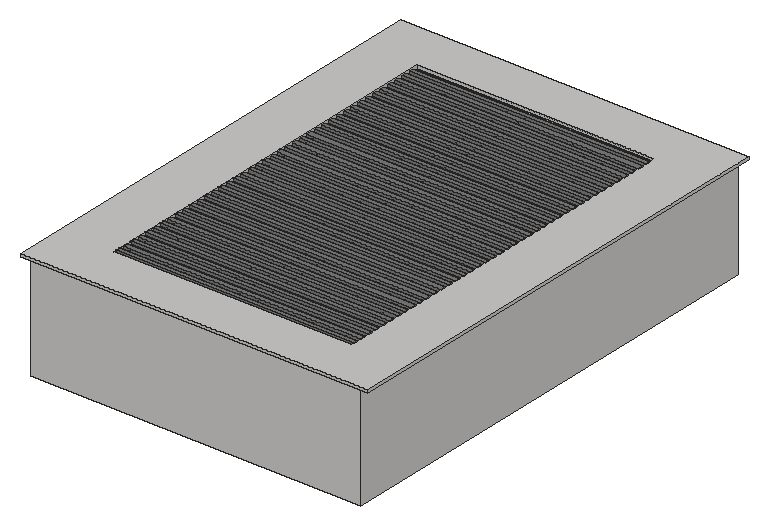
Revit family "VR414611", category Generic Models, Revit 2014
Parameters (values of type "VR414611")
  Width = 380 mm
  URL = "http://www.gaggenau.com."
  Model = "VR414611"
  Manufacturer = "Gaggenau"
  Height = 118 mm
  Grill = Black
  Door Glass = Glass, Green
  Description = "Gaggenau 15\" Vario 400 Series Electric Grill"
  Depth = 520 mm
Reference planes
  plane 1 "Center (Front/Back)": y = 0
  plane 2: z = 0
  plane 3 "Center (Left/Right)": x = 0
  plane 4: x = -190
  plane 5: x = 190
  plane 6: y = 260
  plane 7: y = -260
  plane 8: z = 118
  plane 9: z = 115
  plane 10: x = -180
  plane 11: x = 180
  plane 12: y = 257.5
  plane 13: y = -257.5
Forms (mm)
  Extrusion 1, solid, material "Metal Panel"
    sketch origin (0, 0, 0) x (1, 0, 0) y (0, 1, 0)
      loop
        line (-190, 260) -> (-190, -260) -> (190, -260) -> (190, 260) -> (-190, 260)
      loop
        line (-130, 207.5) -> (-130, -207.5) -> (130, -207.5) -> (130, 207.5) -> (-130, 207.5)
    from 115 to 118
  Extrusion 2, solid, material "Metal Panel"
    sketch origin (0, 0, 0) x (1, 0, 0) y (0, 1, 0)
      loop
        line (-180, 257.5) -> (-180, -257.5) -> (180, -257.5) -> (180, 257.5) -> (-180, 257.5)
      loop
        line (-130, 207.5) -> (-130, -207.5) -> (130, -207.5) -> (130, 207.5) -> (-130, 207.5)
    from 0 to 115
  Extrusion 3, solid, material "Black" <- "Grill"
    sketch origin (0, 0, 0) x (1, 0, 0) y (0, 1, 0)
      loop
        line (-130, 200.278) -> (-130, 195.561) -> (130, 195.561) -> (130, 200.278) -> (-130, 200.278)
      loop
        line (-130, 190.278) -> (-130, 185.561) -> (130, 185.561) -> (130, 190.278) -> (-130, 190.278)
      loop
        line (-130, 180.278) -> (-130, 175.561) -> (130, 175.561) -> (130, 180.278) -> (-130, 180.278)
      loop
        line (-130, 170.278) -> (-130, 165.561) -> (130, 165.561) -> (130, 170.278) -> (-130, 170.278)
      loop
        line (-130, 160.278) -> (-130, 155.561) -> (130, 155.561) -> (130, 160.278) -> (-130, 160.278)
      loop
        line (-130, 150.278) -> (-130, 145.561) -> (130, 145.561) -> (130, 150.278) -> (-130, 150.278)
      loop
        line (-130, 140.278) -> (-130, 135.561) -> (130, 135.561) -> (130, 140.278) -> (-130, 140.278)
      loop
        line (-130, 130.278) -> (-130, 125.561) -> (130, 125.561) -> (130, 130.278) -> (-130, 130.278)
      loop
        line (-130, 120.278) -> (-130, 115.561) -> (130, 115.561) -> (130, 120.278) -> (-130, 120.278)
      loop
        line (-130, 110.278) -> (-130, 105.561) -> (130, 105.561) -> (130, 110.278) -> (-130, 110.278)
      loop
        line (-130, 100.278) -> (-130, 95.561) -> (130, 95.561) -> (130, 100.278) -> (-130, 100.278)
      loop
        line (-130, 90.278) -> (-130, 85.561) -> (130, 85.561) -> (130, 90.278) -> (-130, 90.278)
      loop
        line (-130, 80.278) -> (-130, 75.561) -> (130, 75.561) -> (130, 80.278) -> (-130, 80.278)
      loop
        line (-130, 70.278) -> (-130, 65.561) -> (130, 65.561) -> (130, 70.278) -> (-130, 70.278)
      loop
        line (-130, 60.278) -> (-130, 55.561) -> (130, 55.561) -> (130, 60.278) -> (-130, 60.278)
      loop
        line (-130, 50.278) -> (-130, 45.561) -> (130, 45.561) -> (130, 50.278) -> (-130, 50.278)
      loop
        line (-130, 40.278) -> (-130, 35.561) -> (130, 35.561) -> (130, 40.278) -> (-130, 40.278)
      loop
        line (-130, 30.278) -> (-130, 25.561) -> (130, 25.561) -> (130, 30.278) -> (-130, 30.278)
      loop
        line (-130, 20.278) -> (-130, 15.561) -> (130, 15.561) -> (130, 20.278) -> (-130, 20.278)
      loop
        line (-130, 10.278) -> (-130, 5.561) -> (130, 5.561) -> (130, 10.278) -> (-130, 10.278)
      loop
        line (-130, 0.278) -> (-130, -4.439) -> (130, -4.439) -> (130, 0.278) -> (-130, 0.278)
      loop
        line (-130, -9.722) -> (-130, -14.439) -> (130, -14.439) -> (130, -9.722) -> (-130, -9.722)
      loop
        line (-130, -19.722) -> (-130, -24.439) -> (130, -24.439) -> (130, -19.722) -> (-130, -19.722)
      loop
        line (-130, -29.722) -> (-130, -34.439) -> (130, -34.439) -> (130, -29.722) -> (-130, -29.722)
      loop
        line (-130, -39.722) -> (-130, -44.439) -> (130, -44.439) -> (130, -39.722) -> (-130, -39.722)
      loop
        line (-130, -49.722) -> (-130, -54.439) -> (130, -54.439) -> (130, -49.722) -> (-130, -49.722)
      loop
        line (-130, -59.722) -> (-130, -64.439) -> (130, -64.439) -> (130, -59.722) -> (-130, -59.722)
      loop
        line (-130, -69.722) -> (-130, -74.439) -> (130, -74.439) -> (130, -69.722) -> (-130, -69.722)
      loop
        line (-130, -79.722) -> (-130, -84.439) -> (130, -84.439) -> (130, -79.722) -> (-130, -79.722)
      loop
        line (-130, -89.722) -> (-130, -94.439) -> (130, -94.439) -> (130, -89.722) -> (-130, -89.722)
      loop
        line (-130, -99.722) -> (-130, -104.439) -> (130, -104.439) -> (130, -99.722) -> (-130, -99.722)
      loop
        line (-130, -109.722) -> (-130, -114.439) -> (130, -114.439) -> (130, -109.722) -> (-130, -109.722)
      loop
        line (-130, -119.722) -> (-130, -124.439) -> (130, -124.439) -> (130, -119.722) -> (-130, -119.722)
      loop
        line (-130, -129.722) -> (-130, -134.439) -> (130, -134.439) -> (130, -129.722) -> (-130, -129.722)
      loop
        line (-130, -139.722) -> (-130, -144.439) -> (130, -144.439) -> (130, -139.722) -> (-130, -139.722)
      loop
        line (-130, -149.722) -> (-130, -154.439) -> (130, -154.439) -> (130, -149.722) -> (-130, -149.722)
      loop
        line (-130, -159.722) -> (-130, -164.439) -> (130, -164.439) -> (130, -159.722) -> (-130, -159.722)
      loop
        line (-130, -169.722) -> (-130, -174.439) -> (130, -174.439) -> (130, -169.722) -> (-130, -169.722)
      loop
        line (-130, -179.722) -> (-130, -184.439) -> (130, -184.439) -> (130, -179.722) -> (-130, -179.722)
      loop
        line (-130, -189.722) -> (-130, -194.439) -> (130, -194.439) -> (130, -189.722) -> (-130, -189.722)
      loop
        line (-130, -199.722) -> (-130, -204.439) -> (130, -204.439) -> (130, -199.722) -> (-130, -199.722)
    from 115 to 118
  Extrusion 4, solid, material "Metal Panel"
    sketch origin (0, 0, 0) x (1, 0, 0) y (0, 1, 0)
      loop
        line (-130, 207.5) -> (-130, -207.5) -> (130, -207.5) -> (130, 207.5) -> (-130, 207.5)
    from 0 to 67.667
  Extrusion 5, solid, material "Black" <- "Grill"
    sketch origin (74.439, 70.278, 23) x (0, -1, 0) y (1, 0, 0)
      loop
        line (-130, 52.778) -> (-130, 48.061) -> (277.778, 48.061) -> (277.778, 52.778) -> (-130, 52.778)
      loop
        line (-130, 39.028) -> (-130, 34.311) -> (277.778, 34.311) -> (277.778, 39.028) -> (-130, 39.028)
      loop
        line (-130, 22.778) -> (-130, 18.061) -> (277.778, 18.061) -> (277.778, 22.778) -> (-130, 22.778)
      loop
        line (-130, 2.778) -> (-130, -1.939) -> (277.778, -1.939) -> (277.778, 2.778) -> (-130, 2.778)
      loop
        line (-130, -17.222) -> (-130, -21.939) -> (277.778, -21.939) -> (277.778, -17.222) -> (-130, -17.222)
      loop
        line (-130, -37.222) -> (-130, -41.939) -> (277.778, -41.939) -> (277.778, -37.222) -> (-130, -37.222)
      loop
        line (-130, -57.222) -> (-130, -61.939) -> (277.778, -61.939) -> (277.778, -57.222) -> (-130, -57.222)
      loop
        line (-130, -77.222) -> (-130, -81.939) -> (277.778, -81.939) -> (277.778, -77.222) -> (-130, -77.222)
      loop
        line (-130, -97.222) -> (-130, -101.939) -> (277.778, -101.939) -> (277.778, -97.222) -> (-130, -97.222)
      loop
        line (-130, -117.222) -> (-130, -121.939) -> (277.778, -121.939) -> (277.778, -117.222) -> (-130, -117.222)
      loop
        line (-130, -137.222) -> (-130, -141.939) -> (277.778, -141.939) -> (277.778, -137.222) -> (-130, -137.222)
      loop
        line (-130, -157.222) -> (-130, -161.939) -> (277.778, -161.939) -> (277.778, -157.222) -> (-130, -157.222)
      loop
        line (-130, -177.222) -> (-130, -181.939) -> (277.778, -181.939) -> (277.778, -177.222) -> (-130, -177.222)
      loop
        line (-130, -197.222) -> (-130, -201.939) -> (277.778, -201.939) -> (277.778, -197.222) -> (-130, -197.222)
    from 92 to 87.979
Cuts and joins
  joined: Extrusion 2, Extrusion 4
Dimensions and locks
  equal spacing: plane 4, plane 3 "Center (Left/Right)", plane 5
  equal spacing: plane 6, plane 1 "Center (Front/Back)", plane 7
  "Width": plane 4 to plane 5
  "Depth": plane 6 to plane 7
  "Height": plane 8 to plane 2
  plane 8 to plane 9 = 3 mm
  plane 10 to plane 11 = 360 mm
  plane 12 to plane 13 = 515 mm
  Extrusion 1 to cut or joined group of Extrusion 2, Extrusion 4 = 50.333 mm
  aligned and locked: level to plane 2
Automatic sketch dimensions
  Extrusion 1 sketch curve to plane 4 = 0 mm
  Extrusion 1 sketch curve to plane 5 = 0 mm
  plane 7 to Extrusion 1 sketch curve = 0 mm
  Extrusion 1 sketch curve to plane 6 = 0 mm
  plane 10 to Extrusion 1 sketch curve = 50 mm
  Extrusion 1 sketch curve to plane 11 = 50 mm
  plane 13 to Extrusion 1 sketch curve = 50 mm
  Extrusion 1 sketch curve to plane 12 = 50 mm
  Extrusion 2 sketch curve to plane 10 = 0 mm
  Extrusion 2 sketch curve to plane 11 = 0 mm
  Extrusion 2 sketch curve to plane 13 = 0 mm
  Extrusion 2 sketch curve to plane 12 = 0 mm
  plane 10 to Extrusion 2 sketch curve = 50 mm
  Extrusion 2 sketch curve to plane 11 = 50 mm
  plane 13 to Extrusion 2 sketch curve = 50 mm
  Extrusion 2 sketch curve to plane 12 = 50 mm
  plane 10 to Extrusion 3 sketch curve = 50 mm  (x2)
  Extrusion 3 sketch curve to Extrusion 3 sketch curve = 0 mm  (x79)
  plane 1 "Center (Front/Back)" to Extrusion 3 sketch curve = 4.439 mm
  Extrusion 3 sketch curve to plane 11 = 50 mm
  Extrusion 3 sketch curve to Extrusion 3 sketch curve = 5.282 mm  (x40)
  Extrusion 3 sketch curve to Extrusion 3 sketch curve = 4.718 mm  (x40)
  Extrusion 3 sketch curve to plane 1 "Center (Front/Back)" = 0.278 mm
  plane 10 to Extrusion 4 sketch curve = 50 mm
  Extrusion 4 sketch curve to plane 11 = 50 mm
  plane 13 to Extrusion 4 sketch curve = 50 mm
  Extrusion 4 sketch curve to plane 12 = 50 mm
  Extrusion 5 sketch curve to plane 12 = 57.222 mm  (x2)
  Extrusion 5 sketch curve to Extrusion 5 sketch curve = 0 mm  (x25)
  Extrusion 5 sketch curve to plane 3 "Center (Left/Right)" = 7.5 mm
  plane 3 "Center (Left/Right)" to Extrusion 5 sketch curve = 12.5 mm
  plane 13 to Extrusion 5 sketch curve = 50 mm
  Extrusion 5 sketch curve to plane 3 "Center (Left/Right)" = 2.782 mm
  Extrusion 5 sketch curve to Extrusion 5 sketch curve = 15.282 mm  (x10)
  Extrusion 5 sketch curve to Extrusion 5 sketch curve = 4.718 mm  (x13)
  Extrusion 5 sketch curve to Extrusion 5 sketch curve = 11.532 mm
  Extrusion 5 sketch curve to Extrusion 5 sketch curve = 9.032 mm
